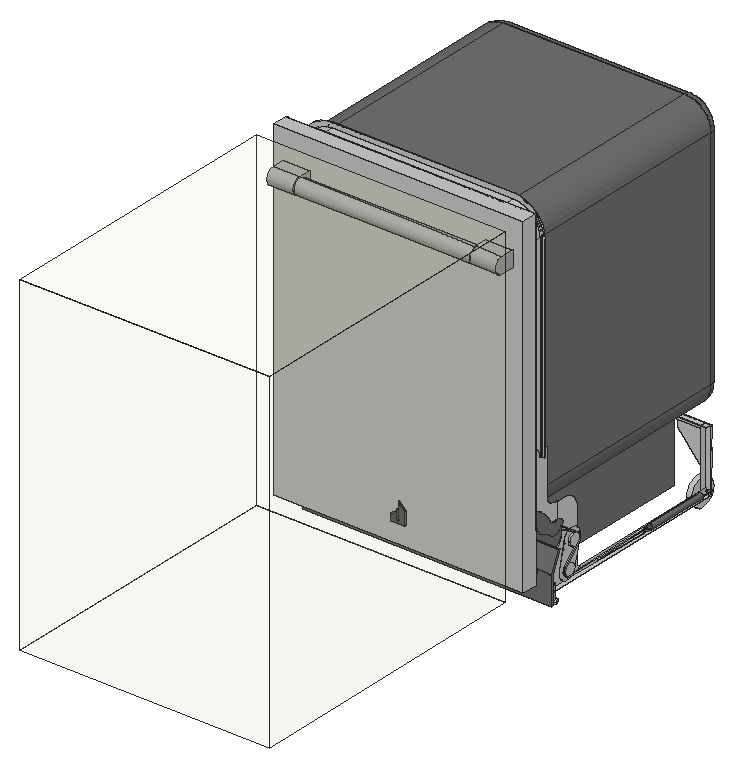
Revit family "P190780JX-052c_JDTSS244GL_Dish_Dishwashers", category Specialty Equipment, Revit 2026 (continued)
Automatic sketch dimensions
  Sweep 31 sketch curve to plane 4 = 0.40675"
  Sweep 31 sketch curve to Sweep 31 sketch curve = 1/8"
  Sweep 31 sketch curve to Sweep 31 sketch curve = 0.08329"
  Sweep 31 sketch curve to plane 4 = 0.07346"
  plane 1 "Center (Front/Back)" to Sweep 31 sketch curve = 1.68694"
  Sweep 31 sketch curve to Sweep 31 sketch curve = 1/4"
  Sweep 31 sketch curve to Sweep 31 sketch curve = 0.82285"
  Sweep 31 sketch curve to profile plane = 0"  (x2)
  Extrusion 32 sketch curve to plane 4 = 3.28392"
  plane 5 to Extrusion 32 sketch curve = 3.28392"
  plane 1 "Center (Front/Back)" to Extrusion 32 sketch curve = 2 25/64"
  Extrusion 32 sketch curve to Extrusion 32 sketch curve = 9/16"
  level to Extrusion 33 sketch curve = 2.09356"
  Extrusion 33 sketch curve to plane 7 = 7.05698"
  Extrusion 33 sketch curve to Extrusion 33 sketch curve = 0.55742"
  Extrusion 33 sketch curve to Extrusion 33 sketch curve = 0.81924"
  Extrusion 33 sketch curve to Extrusion 33 sketch curve = 0.92245"
  level to Extrusion 33 sketch curve = 1.65372"
  Extrusion 33 sketch curve to Extrusion 33 sketch curve = 205/256"
  level to Extrusion 33 sketch curve = 4.05493"
  Extrusion 33 sketch curve to Extrusion 33 sketch curve = 0.90164"
  Extrusion 33 sketch curve to Extrusion 33 sketch curve = 0.28594"
  Extrusion 34 sketch curve to Extrusion 33 = 0.84124"
  Extrusion 34 sketch curve to Extrusion 33 = 0.84877"
  Extrusion 34 sketch curve to Extrusion 34 sketch curve = 0.62586"
  Extrusion 34 sketch curve to Extrusion 34 sketch curve = 2.31949"
  Sweep 35 sketch curve to Sweep 35 sketch curve = 2 15/32"
  Sweep 35 sketch curve to Extrusion 10 = 2 15/32"
  Sweep 35 sketch curve to profile plane = 0"  (x2)
  profile plane to Sweep 35 sketch curve = 1"
  plane 6 to Extrusion 36 sketch curve = 1 1/2"
  Extrusion 36 sketch curve to Extrusion 36 sketch curve = 1 15/32"  (x3)
  plane 5 to Extrusion 36 sketch curve = 1.81517"
  level to Extrusion 36 sketch curve = 9 15/16"  (x2)
  Extrusion 36 sketch curve to plane 4 = 3.28392"
  Extrusion 37 sketch curve to Extrusion 37 sketch curve = 0"  (x4)
  level to Extrusion 37 sketch curve = 1.45206"
  plane 1 "Center (Front/Back)" to Extrusion 37 sketch curve = 9.68198"
  Extrusion 37 sketch curve to Extrusion 37 sketch curve = 0.0001"
  level to Extrusion 37 sketch curve = 1.28971"
  Extrusion 37 sketch curve to Extrusion 37 sketch curve = 0.00285"
  level to Extrusion 37 sketch curve = 1.61439"
  level to Extrusion 37 sketch curve = 1.25847"
  Extrusion 37 sketch curve to Extrusion 37 sketch curve = 0.00067"
  level to Extrusion 37 sketch curve = 1.64563"
  Extrusion 37 sketch curve to Extrusion 37 sketch curve = 0.00078"
  level to Extrusion 37 sketch curve = 3.92205"
  Extrusion 37 sketch curve to Extrusion 37 sketch curve = 7.84733"
  level to Extrusion 37 sketch curve = 3.94382"
  Extrusion 37 sketch curve to Extrusion 37 sketch curve = 0.02241"
  level to Extrusion 37 sketch curve = 4.8373"
  Extrusion 37 sketch curve to Extrusion 37 sketch curve = 0.07354"
  level to Extrusion 37 sketch curve = 4.81163"
  Extrusion 37 sketch curve to Extrusion 37 sketch curve = 0.01784"
  level to Extrusion 37 sketch curve = 1.43771"
  Extrusion 37 sketch curve to Extrusion 37 sketch curve = 0.27285"
  Extrusion 37 sketch curve to Extrusion 37 sketch curve = 0.19875"
  level to Extrusion 37 sketch curve = 1.45221"
  Extrusion 37 sketch curve to Extrusion 37 sketch curve = 0.7705"
  Extrusion 37 sketch curve to Extrusion 37 sketch curve = 0.01236"
  level to Extrusion 37 sketch curve = 1.42092"
  Extrusion 37 sketch curve to Extrusion 37 sketch curve = 0.02328"
  level to Extrusion 37 sketch curve = 2.41085"
  Extrusion 37 sketch curve to Extrusion 37 sketch curve = 0.41239"
  level to Extrusion 37 sketch curve = 2.43249"
  Extrusion 37 sketch curve to Extrusion 37 sketch curve = 2.03913"
  Extrusion 37 sketch curve to Extrusion 37 sketch curve = 0.01738"
  Extrusion 37 sketch curve to Extrusion 37 sketch curve = 0.09487"
  Extrusion 37 sketch curve to Extrusion 37 sketch curve = 0.00092"
  Extrusion 37 sketch curve to Extrusion 37 sketch curve = 0.07729"
  Extrusion 37 sketch curve to Extrusion 37 sketch curve = 0.01583"
  Extrusion 37 sketch curve to Extrusion 37 sketch curve = 0.14314"
  Extrusion 37 sketch curve to Extrusion 37 sketch curve = 1.17962"
  Extrusion 37 sketch curve to Extrusion 37 sketch curve = 0.02696"
  Extrusion 37 sketch curve to Extrusion 37 sketch curve = 0.14276"
  Extrusion 37 sketch curve to Extrusion 37 sketch curve = 0.00058"
  level to Extrusion 38 sketch curve = 2.09356"
  Extrusion 38 sketch curve to plane 7 = 7.05698"
  Extrusion 38 sketch curve to Extrusion 38 sketch curve = 0.55742"
  Extrusion 38 sketch curve to Extrusion 38 sketch curve = 0.81924"
  Extrusion 38 sketch curve to Extrusion 38 sketch curve = 0.92245"
  level to Extrusion 38 sketch curve = 1.65372"
  Extrusion 38 sketch curve to Extrusion 38 sketch curve = 205/256"
  level to Extrusion 38 sketch curve = 4.05493"
  Extrusion 38 sketch curve to Extrusion 38 sketch curve = 0.90164"
  Extrusion 38 sketch curve to Extrusion 38 sketch curve = 0.28594"
  Extrusion 39 sketch curve to Extrusion 38 = 0.84124"
  Extrusion 39 sketch curve to Extrusion 38 = 0.84877"
  Extrusion 39 sketch curve to Extrusion 39 sketch curve = 0.62586"
  Extrusion 39 sketch curve to Extrusion 39 sketch curve = 2.31949"
  Extrusion 20 to Extrusion 40 sketch curve = 0.25217"
  Extrusion 40 sketch curve to Extrusion 20 = 0.45207"
  Extrusion 41 sketch curve to Extrusion 20 = 0.45207"
  Extrusion 41 sketch curve to Extrusion 20 = 22.80934"
  Extrusion 20 to Extrusion 42 sketch curve = 17/64"
  Extrusion 20 to Extrusion 42 sketch curve = 0.27514"
  plane 1 "Center (Front/Back)" to Extrusion 43 sketch curve = 2 1/8"
  level to Extrusion 43 sketch curve = 1.27514"
  plane 5 to Extrusion 44 sketch curve = 0"
  plane 4 to Extrusion 44 sketch curve = 0"
  Extrusion 44 sketch curve to plane 6 = 0"
  level to Extrusion 44 sketch curve = 2.69323"
  plane 5 to Extrusion 45 sketch curve = 0.65892"
  Extrusion 45 sketch curve to Extrusion 45 sketch curve = 1/8"
  Extrusion 45 sketch curve to plane 7 = 6.9856"
  Extrusion 45 sketch curve to Extrusion 45 sketch curve = 1/32"
  Extrusion 45 to Extrusion 46 sketch curve = 0"  (x2)
  Extrusion 46 sketch curve to Extrusion 45 = 0"
  Extrusion 46 sketch curve to Extrusion 45 = 0.23335"
  Extrusion 46 sketch curve to Extrusion 45 = 1.1731"
  Extrusion 46 sketch curve to Extrusion 46 sketch curve = 1/4"  (x2)
  Extrusion 46 sketch curve to Extrusion 45 = 1.42731"
  Extrusion 46 sketch curve to Extrusion 46 sketch curve = 0.28387"
  Extrusion 46 sketch curve to Extrusion 46 sketch curve = 3/16"
  Extrusion 46 sketch curve to Extrusion 46 sketch curve = 0.15363"
  Extrusion 46 sketch curve to Extrusion 46 sketch curve = 0.03387"
  Extrusion 46 sketch curve to Extrusion 46 sketch curve = 0.91504"
  Extrusion 46 sketch curve to Extrusion 46 sketch curve = 3.74168"
  Extrusion 46 sketch curve to Extrusion 46 sketch curve = 0.10825"
  Extrusion 46 sketch curve to Extrusion 46 sketch curve = 0.05866"
  Extrusion 46 sketch curve to Extrusion 46 sketch curve = 0.49167"  (x2)
  Extrusion 47 sketch curve to Extrusion 47 sketch curve = 0"  (x2)
  level to Extrusion 47 sketch curve = 1.42528"
  Extrusion 47 sketch curve to plane 7 = 9.33708"
  Extrusion 47 sketch curve to Extrusion 47 sketch curve = 1/8"  (x3)
  Extrusion 47 sketch curve to Extrusion 47 sketch curve = 1.34295"
  Extrusion 47 sketch curve to Extrusion 47 sketch curve = 0.38575"
  level to Extrusion 47 sketch curve = 4.45145"
  Extrusion 47 sketch curve to Extrusion 47 sketch curve = 0.33471"
  Extrusion 47 sketch curve to Extrusion 47 sketch curve = 0.34137"
  Extrusion 47 sketch curve to Extrusion 47 sketch curve = 0.07158"
  Extrusion 47 sketch curve to Extrusion 47 sketch curve = 0.91478"
  level to Extrusion 47 sketch curve = 4.10796"
  Extrusion 47 sketch curve to Extrusion 47 sketch curve = 0.28706"
  level to Extrusion 47 sketch curve = 3.80867"
  Extrusion 47 sketch curve to Extrusion 47 sketch curve = 0.12795"
  level to Extrusion 47 sketch curve = 3.51943"
  Extrusion 47 sketch curve to Extrusion 47 sketch curve = 0.0003"
  Extrusion 47 sketch curve to Extrusion 47 sketch curve = 0.75089"
  Extrusion 47 sketch curve to Extrusion 47 sketch curve = 0.6448"
  Extrusion 47 sketch curve to Extrusion 47 sketch curve = 0.39198"
  Extrusion 47 sketch curve to Extrusion 47 sketch curve = 0.4431"
  level to Extrusion 47 sketch curve = 1"
  Extrusion 47 sketch curve to Extrusion 47 sketch curve = 0.8262"
  Extrusion 47 sketch curve to Extrusion 47 sketch curve = 0.58087"
  Extrusion 47 sketch curve to Extrusion 47 sketch curve = 0.24644"
  Extrusion 47 sketch curve to Extrusion 47 sketch curve = 1.02777"
  Extrusion 47 sketch curve to Extrusion 47 sketch curve = 0.5042"
  Extrusion 48 sketch curve to plane 7 = 6.62687"
  Extrusion 48 sketch curve to Extrusion 48 sketch curve = 0.2786"
  Extrusion 48 sketch curve to Extrusion 48 sketch curve = 0.07594"
  Extrusion 48 sketch curve to Extrusion 48 sketch curve = 0.25502"
  Extrusion 48 sketch curve to Extrusion 48 sketch curve = 0.40516"
  Extrusion 48 sketch curve to Extrusion 48 sketch curve = 0.09828"
  Extrusion 48 sketch curve to Extrusion 48 sketch curve = 2.23765"
  Extrusion 48 sketch curve to Extrusion 48 sketch curve = 0.39775"
  Extrusion 48 sketch curve to Extrusion 48 sketch curve = 0.87011"
  level to Extrusion 48 sketch curve = 0.4225"
  Extrusion 48 sketch curve to plane 7 = 1.84115"
  Extrusion 48 sketch curve to Extrusion 48 sketch curve = 4.8783"
  Extrusion 48 sketch curve to Extrusion 48 sketch curve = 0.84073"
  Extrusion 48 sketch curve to Extrusion 48 sketch curve = 1.08027"
  Extrusion 48 sketch curve to Extrusion 48 sketch curve = 0.39263"
  Extrusion 48 sketch curve to Extrusion 48 sketch curve = 0.21264"
  Extrusion 48 sketch curve to Extrusion 48 sketch curve = 0.01738"
  Extrusion 48 sketch curve to Extrusion 48 sketch curve = 0.20156"
  Extrusion 48 sketch curve to Extrusion 48 sketch curve = 0.27421"
  Extrusion 48 sketch curve to Extrusion 48 sketch curve = 0.26008"
  Extrusion 48 sketch curve to Extrusion 48 sketch curve = 1.08769"
  Extrusion 48 sketch curve to Extrusion 48 sketch curve = 1.42243"
  Extrusion 48 sketch curve to Extrusion 48 sketch curve = 0"  (x3)
  Extrusion 49 sketch curve to plane 4 = 0.78392"
  Extrusion 49 sketch curve to Extrusion 49 sketch curve = 1/8"
  Extrusion 49 sketch curve to plane 7 = 6.9856"
  Extrusion 49 sketch curve to Extrusion 49 sketch curve = 1/32"
  Extrusion 50 sketch curve to Extrusion 49 = 0"  (x3)
  Extrusion 50 sketch curve to Extrusion 49 = 0.23335"
  Extrusion 50 sketch curve to Extrusion 49 = 1.1731"
  Extrusion 50 sketch curve to Extrusion 50 sketch curve = 1/4"  (x2)
  Extrusion 50 sketch curve to Extrusion 49 = 1.42731"
  Extrusion 50 sketch curve to Extrusion 50 sketch curve = 0.28387"
  Extrusion 50 sketch curve to Extrusion 50 sketch curve = 3/16"
  Extrusion 50 sketch curve to Extrusion 50 sketch curve = 0.15363"
  Extrusion 50 sketch curve to Extrusion 50 sketch curve = 0.03387"
  Extrusion 50 sketch curve to Extrusion 50 sketch curve = 0.91504"
  Extrusion 50 sketch curve to Extrusion 50 sketch curve = 3.74168"
  Extrusion 50 sketch curve to Extrusion 50 sketch curve = 0.10825"
  Extrusion 50 sketch curve to Extrusion 50 sketch curve = 0.05866"
  Extrusion 50 sketch curve to Extrusion 50 sketch curve = 0.49167"  (x2)
  Extrusion 51 sketch curve to Extrusion 51 sketch curve = 0"  (x2)
  level to Extrusion 51 sketch curve = 1.42528"
  Extrusion 51 sketch curve to plane 7 = 9.33708"
  Extrusion 51 sketch curve to Extrusion 51 sketch curve = 1/8"  (x3)
  Extrusion 51 sketch curve to Extrusion 51 sketch curve = 1.34295"
  Extrusion 51 sketch curve to Extrusion 51 sketch curve = 0.38575"
  level to Extrusion 51 sketch curve = 4.45145"
  Extrusion 51 sketch curve to Extrusion 51 sketch curve = 0.33471"
  Extrusion 51 sketch curve to Extrusion 51 sketch curve = 0.34137"
  Extrusion 51 sketch curve to Extrusion 51 sketch curve = 0.07158"
  Extrusion 51 sketch curve to Extrusion 51 sketch curve = 0.91478"
  level to Extrusion 51 sketch curve = 4.10796"
  Extrusion 51 sketch curve to Extrusion 51 sketch curve = 0.28706"
  level to Extrusion 51 sketch curve = 3.80867"
  Extrusion 51 sketch curve to Extrusion 51 sketch curve = 0.12795"
  level to Extrusion 51 sketch curve = 3.51943"
  Extrusion 51 sketch curve to Extrusion 51 sketch curve = 0.0003"
  Extrusion 51 sketch curve to Extrusion 51 sketch curve = 0.75089"
  Extrusion 51 sketch curve to Extrusion 51 sketch curve = 0.6448"
  Extrusion 51 sketch curve to Extrusion 51 sketch curve = 0.39198"
  Extrusion 51 sketch curve to Extrusion 51 sketch curve = 0.4431"
  Extrusion 51 sketch curve to Extrusion 51 sketch curve = 1.02777"
  Extrusion 51 sketch curve to Extrusion 51 sketch curve = 0.5042"
  Extrusion 51 sketch curve to Extrusion 51 sketch curve = 0.00112"
  Extrusion 51 sketch curve to Extrusion 51 sketch curve = 0.24644"
  Extrusion 51 sketch curve to Extrusion 51 sketch curve = 0.58087"
  level to Extrusion 51 sketch curve = 1"
  plane 5 to Extrusion 52 sketch curve = 0"
  plane 4 to Extrusion 52 sketch curve = 0"
  level to Extrusion 52 sketch curve = 7 15/32"
  plane 6 to Extrusion 52 sketch curve = 1/32"
  Extrusion 53 sketch curve to Extrusion 53 sketch curve = 0"  (x8)
  Extrusion 53 sketch curve to Extrusion 52 = 0.28392"
  Extrusion 53 sketch curve to Extrusion 53 sketch curve = 1/2"
  Extrusion 53 sketch curve to Extrusion 52 = 1/16"
  Extrusion 53 sketch curve to Extrusion 52 = 3.25267"  (x4)
  Extrusion 52 to Extrusion 53 sketch curve = 1/32"
  Extrusion 53 sketch curve to Extrusion 52 = 0.78392"
  plane 7 to curve 9 = 0"
  plane 7 to curve 6 = 0"
  curve 5 to plane 4 = 1"
  curve 5 to curve 6 = 2 1/2"
  plane 5 to curve 8 = 3 1/2"
  plane 5 to curve 9 = 1"
  curve 11 to plane 7 = 1/32"
  curve 12 to curve 11 = 1 7/16"
  curve 5 to plane 7 = 2"
  curve 8 to curve 12 = 17/32"
  curve 10 to plane 7 = 2"
  curve 7 to curve 12 = 17/32"
  curve 11 to curve 6 = 0"
  Extrusion 54 sketch curve to plane 7 = 3/4"
  plane 6 to Extrusion 54 sketch curve = 2 3/4"
  Extrusion 54 sketch curve to Extrusion 54 sketch curve = 3/4"
  Extrusion 54 sketch curve to Extrusion 54 sketch curve = 1 1/4"
  Extrusion 55 sketch curve to plane 6 = 2 3/4"
  Extrusion 55 sketch curve to Extrusion 55 sketch curve = 3/4"
  plane 7 to Extrusion 55 sketch curve = 2"
  plane 7 to Extrusion 55 sketch curve = 3/4"
  Extrusion 56 sketch curve to plane 7 = 3/4"
  plane 6 to Extrusion 56 sketch curve = 3 1/2"
  Sweep 57 sketch curve to plane 4 = 0.03171"
  Sweep 57 sketch curve to plane 4 = 0.15671"
  Sweep 57 sketch curve to Sweep 57 sketch curve = 0.22827"
  Sweep 57 sketch curve to Sweep 57 sketch curve = 1/8"
  plane 1 "Center (Front/Back)" to Sweep 57 sketch curve = 9.56624"
  Sweep 57 sketch curve to Sweep 57 sketch curve = 0.10916"
  Sweep 57 sketch curve to Sweep 57 sketch curve = 0.50876"
  profile plane to Sweep 57 sketch curve = 0"
  Sweep 57 sketch curve to profile plane = 0"
  Sweep 58 sketch curve to plane 4 = 0.40675"
  Sweep 58 sketch curve to Sweep 58 sketch curve = 1/8"
  Sweep 58 sketch curve to Sweep 58 sketch curve = 0.08329"
  Sweep 58 sketch curve to plane 4 = 0.07346"
  plane 1 "Center (Front/Back)" to Sweep 58 sketch curve = 1.68694"
  Sweep 58 sketch curve to Sweep 58 sketch curve = 1/4"
  Sweep 58 sketch curve to Sweep 58 sketch curve = 0.82285"
  Sweep 58 sketch curve to profile plane = 0"  (x2)
  Blend 59 sketch curve to plane 4 = 1 1/2"
  level to Blend 59 sketch curve = 2.31823"  (x2)
  Blend 59 sketch curve to Blend 59 sketch curve = 3/8"  (x2)
  Blend 59 sketch curve to Blend 59 sketch curve = 1/8"
  Blend 59 sketch curve to plane 4 = 1 17/32"
  Blend 59 sketch curve to Blend 59 sketch curve = 3/32"
  Blend 60 sketch curve to plane 3 "Center (Left/Right)" = 0"  (x2)
  Blend 60 sketch curve to plane 3 "Center (Left/Right)" = 1/8"
  level to Blend 60 sketch curve = 2.31823"  (x2)
  Blend 60 sketch curve to Blend 60 sketch curve = 3/8"  (x2)
  Blend 60 sketch curve to plane 3 "Center (Left/Right)" = 3/32"
  level to Blend 61 sketch curve = 2.31823"  (x2)
  Blend 61 sketch curve to Blend 61 sketch curve = 3/8"  (x2)
  plane 5 to Blend 61 sketch curve = 1 1/2"
  Blend 61 sketch curve to Blend 61 sketch curve = 1/8"
  plane 5 to Blend 61 sketch curve = 1 17/32"
  Blend 61 sketch curve to Blend 61 sketch curve = 3/32"
  level to Extrusion 62 sketch curve = 2.69323"
  plane 4 to Extrusion 62 sketch curve = 0"
  plane 5 to Extrusion 62 sketch curve = 0"
  plane 6 to Extrusion 62 sketch curve = 0"
  radius of Extrusion 2 sketch curve = 1/4"
  radius of Extrusion 7 sketch curve = 0.11142"
  radius of Extrusion 10 sketch curve to Extrusion 9 = 0"
  radius of Extrusion 14 sketch curve = 0.11142"
  radius of Extrusion 26 sketch curve = 1/4"
  radius of Sweep 27 sketch curve = 0.03171"
  radius of Sweep 28 sketch curve = 0.03171"
  radius of Extrusion 29 sketch curve = 1/4"
  radius of Sweep 30 sketch curve = 0.03171"
  radius of Sweep 31 sketch curve = 0.03171"
  radius of Extrusion 34 sketch curve = 0.56804"
  radius of Extrusion 34 sketch curve = 0.56808"
  radius of Sweep 35 sketch curve to Extrusion 10 = 0"  (x2)
  radius of Extrusion 39 sketch curve = 0.56804"
  radius of Extrusion 39 sketch curve = 0.56808"
  radius of Extrusion 40 sketch curve = 0.04001"
  radius of Extrusion 41 sketch curve = 0.04001"
  radius of Extrusion 42 sketch curve = 1.27514"
  radius of Extrusion 43 sketch curve = 1.27514"
  radius of Extrusion 47 sketch curve = 0.03157"
  radius of Extrusion 51 sketch curve = 0.03157"
  radius of Extrusion 56 sketch curve = 23/32"
  radius of Sweep 57 sketch curve = 0.03171"
  radius of Sweep 58 sketch curve = 0.03171"
Nested families (in)
  nested 1: "Jenn Air Logo" at (0, -24.5, 4.5), type "Jenn Air Logo"
Connectors (in)
  electrical at (0, 0.03125, 9.16406), driven by "Voltage"
    settings: on Extrusion 2, index 2, voltage 0 V, apparent load 0 VA, apparent load phase1 0 VA, apparent load phase2 0 VA, apparent load phase3 0 VA, power factor 1, load classification "Other", number of poles 1, system type 30, power factor state 1, is connector primary yes, connector utility no, sub classification motor no, connector description "Electrical Connection"
Definition of nested family "Jenn Air Logo"
  Parameters (values of type "Jenn Air Logo")
    Logo Material = none
    Default Elevation = 0"
  Reference planes (in)
    plane 1 "Center (Front/Back)": y = 0
    plane 2: z = 0
    plane 3 "Center (Left/Right)": x = 0
  Forms (in)
    Blend 1, solid, material <- "Logo Material"
      base sketch origin (21.1128, 0, 44.01261) x (1, 0, 0) y (0, 0, 1)
        loop
          line (-21.23298, -42.83286) -> (-21.79136, -43.39124)
          arc (-21.79136, -43.39124) -> (-21.81474, -43.42622) -> (-21.82294, -43.46749) r 0.10782
          line (-21.82294, -43.46749) -> (-21.82294, -43.92659)
          arc (-21.82294, -43.92659) -> (-21.79775, -43.98741) -> (-21.73692, -44.01261) r 0.08602
          line (-21.73692, -44.01261) -> (-20.4921, -44.01261)
          arc (-20.4921, -44.01261) -> (-20.42886, -43.98641) -> (-20.40266, -43.92316) r 0.08945
          line (-20.40266, -43.92316) -> (-20.40266, -42.73088)
          arc (-20.40266, -42.73088) -> (-20.4109, -42.68851) -> (-20.43441, -42.6523) r 0.11311
          line (-20.43441, -42.6523) -> (-20.98506, -42.08208)
          arc (-20.98506, -42.08208) -> (-21.01939, -42.07479) -> (-21.03901, -42.10388) r 0.03138
          line (-21.03901, -42.10388) -> (-21.03901, -43.56675)
          arc (-21.03901, -43.56675) -> (-21.1128, -43.64054) -> (-21.18659, -43.56675) r 0.07379
          line (-21.18659, -43.56675) -> (-21.18659, -42.85207)
          arc (-21.18659, -42.85207) -> (-21.20337, -42.82697) -> (-21.23298, -42.83286) r 0.02717
      top sketch origin (21.1128, 0, 44.01261) x (-1, 0, 0) y (0, 0, 1)
        loop
          line (20.9894, -43.66948) -> (20.9894, -42.29485)
          arc (20.9894, -42.29485) -> (20.97284, -42.26911) -> (20.94255, -42.2735) r 0.02829
          line (20.94255, -42.2735) -> (20.44647, -42.70474)
          arc (20.44647, -42.70474) -> (20.43696, -42.71747) -> (20.43359, -42.73299) r 0.03743
          line (20.43359, -42.73299) -> (20.43359, -43.93668)
          arc (20.43359, -43.93668) -> (20.45416, -43.98633) -> (20.50381, -44.0069) r 0.07022
          line (20.50381, -44.0069) -> (21.73469, -44.0069)
          arc (21.73469, -44.0069) -> (21.77455, -43.99038) -> (21.79107, -43.95052) r 0.05637
          line (21.79107, -43.95052) -> (21.79107, -43.48996)
          arc (21.79107, -43.48996) -> (21.78703, -43.47137) -> (21.77564, -43.45612) r 0.04484
          line (21.77564, -43.45612) -> (21.25539, -43.00387)
          arc (21.25539, -43.00387) -> (21.23562, -43.001) -> (21.22482, -43.0178) r 0.01846
          line (21.22482, -43.0178) -> (21.22482, -43.66948)
          arc (21.22482, -43.66948) -> (21.10711, -43.78719) -> (20.9894, -43.66948) r 0.11771
      from 0 to 0.03125
  Dimensions and locks (in)
    aligned and locked: plane 2 to level
